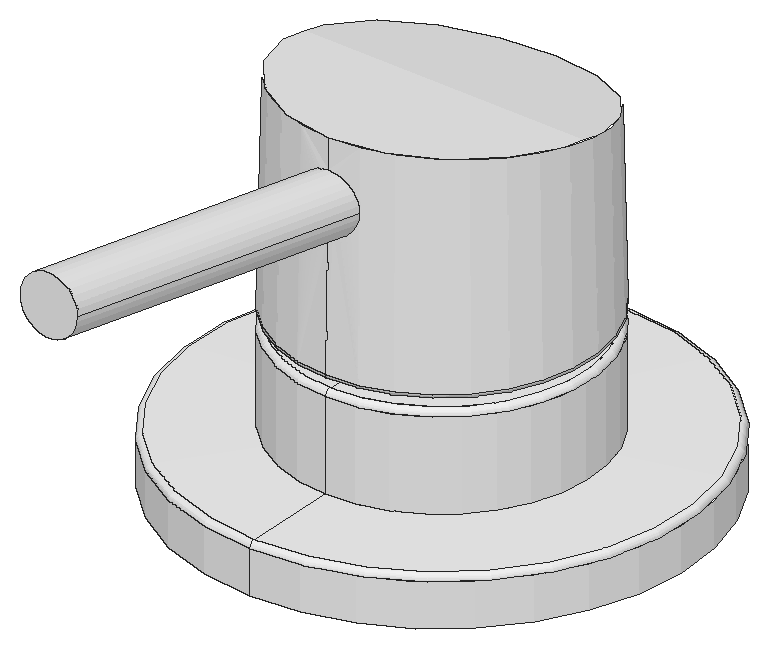
Revit family "Diverter_Trim-Grohe-Concetto-29104_Series", category Plumbing Fixtures, host Face, Revit 2019
Family settings
  Host = Face
  Round Connector Dimension = Use Diameter
  Part Type = Normal
  OmniClass Number = 23.45.05.14.17
  OmniClass Title = Showers
  Cut with Voids When Loaded = No
  Shared = Yes
  Room Calculation Point = No
Parameters (values of type "29104001")
  Width = 3 1/8"
  Waste Connection = no
  Warranty Information = "Limited Lifetime Warranty"
  WFU = 4
  Vent Connection = no
  URL = "http://www.grohe.com/"
  Type Comments = ""
  Tempered Water Connection Radius = Tempered Water Connection Diameter / 2  # 1/4"
  Tempered Water Connection Diameter = 1/2"
  Revised Date = "6/28/2021"  # constant formula
  Product Page URL = "https://www.grohe.us/Bath-Shower-Trim-Kits/2-Way-Diverter-Trim/GROHE-CHROME-29104001"
  Product Documentation Link = "https://americanstandard.box.com/shared/static/woe4c1t84hf1pajrcrkzckh52uukkwc1.pdf"
  Price = "Prices may vary. Please consult Manufacturer Representative for most up-to-date price list."  # constant formula
  Model = "29104001"
  Material = "Metal-Grohe-001-Chrome"
  Manufacturer = "GROHE"
  Length = 2 5/8"
  Installation Type = "Surface Mounted"
  IAPMO Compliance = "cUPC"
  Height = 4 13/16"
  HWFU = 3
  HW Connection = yes
  Finish = Metal-Grohe-001-Chrome
  Description = "Concetto 2-Way Diverter Trim (Shower head/Tub Spout)"
  Default Elevation = 0"
  Creation Date = "11/1/2016"  # constant formula
  CWFU = 3
  CW Connection = yes
  Assembly Code = "D2020"
  ADA Compliant = yes
Types (3): name | Product Page URL | Product Documentation Link | Model | Material | Finish
  (no name) | "https://www.grohe.us/Bath-Shower-Trim-Kits/2-Way-Diverter-Trim/GROHE-CHROME-29104001" | "https://americanstandard.box.com/shared/static/woe4c1t84hf1pajrcrkzckh52uukkwc1.pdf" | "29104001" | "Metal-Grohe-001-Chrome" | Metal-Grohe-001-Chrome
  29104001 | "https://www.grohe.us/Bath-Shower-Trim-Kits/2-Way-Diverter-Trim/GROHE-CHROME-29104001" | "https://americanstandard.box.com/shared/static/woe4c1t84hf1pajrcrkzckh52uukkwc1.pdf" | "29104001" | "Metal-Grohe-001-Chrome" | Metal-Grohe-001-Chrome
  29104EN1 | "https://www.grohe.us/Bath-Shower-Trim-Kits/2-Way-Diverter-Trim/GROHE-BRUSHED-NICKEL-29104EN1" | "https://americanstandard.box.com/shared/static/x7zag8cpyvu74zqv2qmbc8f4jt1mfz1j.pdf" | "29104EN1" | "Metal-Grohe-EN1-Brushed Nickel" | Metal-Grohe-EN1-Brushed Nickel
Reference planes (in)
  plane 1 "Center (Front/Back)": y = 0
  plane 2: z = 0
  plane 3 "Center (Left/Right)": x = 0
  plane 4: x = -1.5625
  plane 5: x = 1.5625
  plane 6: z = 2.62243
  plane 7: z = 2.24419
  plane 8: z = 2.43331
  plane 9: y = 1.5748
  plane 10: y = -3.2257
  plane 11: z = 0.32687
Forms (in)
  Revolve 1, solid, material "Metal-Grohe-001-Chrome" <- "Finish"
    sketch origin (0, 0, 0) x (0, 1, 0) y (0, 0, 1)
      loop
        line (1.5748, 0) -> (1.5748, 0.27495)
        arc (1.5748, 0.27495) -> (1.5633, 0.30303) -> (1.5354, 0.31497) r 0.04003
        arc (1.5354, 0.31497) -> (1.24505, 0.32018) -> (0.95472, 0.32677) r 60.83363
        line (0.95472, 0.32677) -> (0.95472, 0.89683)
        arc (0.95472, 0.89683) -> (0.94296, 0.92524) -> (0.91455, 0.93701) r 0.04017
        line (0.91455, 0.93701) -> (0.77437, 0.93701) -> (0.84646, 1.00191) -> (0.93054, 1.00191)
        arc (0.93054, 1.00191) -> (0.94758, 1.00907) -> (0.95439, 1.02625) r 0.02386
        line (0.95439, 1.02625) -> (0.91697, 2.85983) -> (0, 2.85983) -> (0, 0) -> (1.5748, 0)
      axis (0, 2.85983) -> (0, 0)
    angle from 0 to 360
  Extrusion 2, void
    sketch origin (0, 0, 0) x (0, 1, 0) y (0, 0, 1)
      loop
        line (1.07049, 2.03348) -> (1.07049, 3.08261) -> (-1.11716, 3.08261) -> (-1.11716, 2.4202)
        arc (-1.11716, 2.4202) -> (-0.00877, 2.30924) -> (1.07049, 2.03348) r 7.4149
    from -1.14314 to 1.2829
  Extrusion 3, solid, material "Metal-Grohe-001-Chrome" <- "Finish"
    sketch origin (0, -0.50352, -0.51559) x (1, 0, 0) y (0, 0.173495, 0.984835)
      loop
        circle (0, 2.43331) r 0.18912
    from -0.26841 to 3.43997
  Extrusion 4, void
    sketch origin (0, 0, 0) x (0, 1, 0) y (0, 0, 1)
      loop
        line (-3.2257, 2.87243) -> (-3.63433, 2.87243) -> (-3.63433, 1.99651) -> (-3.2257, 1.99651) -> (-3.2257, 2.87243)
    from -0.47732 to 0.60053
Cuts and joins
  Extrusion 2 cuts Revolve 1
  Extrusion 4 cuts Extrusion 3
  joined: Revolve 1, Extrusion 3
Lines and regions (in)
  Masking region 1
    outline origin (0, 0, 0) x (1, 0, 0) y (0, 0, 1)
      loop
        line (1.5748, 0) -> (1.5748, 0.27388)
        arc (1.5748, 0.27388) -> (1.56373, 0.302) -> (1.53645, 0.31501) r 0.04123
        line (1.53645, 0.31501) -> (0.95478, 0.32677) -> (0.95478, 0.89557)
        arc (0.95478, 0.89557) -> (0.94325, 0.92427) -> (0.91508, 0.93701) r 0.04147
        line (0.91508, 0.93701) -> (0.77441, 0.93701) -> (0.84646, 1.00191) -> (0.93125, 1.00191)
        arc (0.93125, 1.00191) -> (0.948, 1.00913) -> (0.95425, 1.02625) r 0.02303
        line (0.95425, 1.02625) -> (0.92831, 2.30583)
        spline (0.92831, 2.30583) -> (0.89967, 2.34327) -> (0.85534, 2.36209) -> (0.80971, 2.37402) -> (0.76244, 2.38255) -> (0.71318, 2.38902) -> (0.66165, 2.39418) -> (0.60827, 2.39857) -> (0.55483, 2.40233) -> (0.50263, 2.40556) -> (0.43996, 2.40832) -> (0.34289, 2.4106) -> (0.18703, 2.41238)
        arc (0.18703, 2.41238) -> (0.00013, 2.62644) -> (-0.18707, 2.41265) r 0.18874
        spline (-0.18707, 2.41265) -> (-0.29934, 2.41076) -> (-0.39246, 2.40896) -> (-0.47032, 2.40696) -> (-0.53686, 2.40448) -> (-0.59598, 2.40121) -> (-0.6516, 2.39687) -> (-0.70763, 2.39117) -> (-0.76688, 2.38368) -> (-0.82529, 2.37306) -> (-0.87614, 2.35766) -> (-0.91272, 2.33581) -> (-0.92831, 2.30583)
        line (-0.92831, 2.30583) -> (-0.95425, 1.02625)
        arc (-0.95425, 1.02625) -> (-0.948, 1.00913) -> (-0.93125, 1.00191) r 0.02303
        line (-0.93125, 1.00191) -> (-0.84646, 1.00191) -> (-0.77441, 0.93701) -> (-0.91508, 0.93701)
        arc (-0.91508, 0.93701) -> (-0.94325, 0.92427) -> (-0.95478, 0.89557) r 0.04147
        line (-0.95478, 0.89557) -> (-0.95478, 0.32677) -> (-1.53645, 0.31501)
        arc (-1.53645, 0.31501) -> (-1.56373, 0.302) -> (-1.5748, 0.27388) r 0.04123
        line (-1.5748, 0.27388) -> (-1.5748, 0) -> (1.5748, 0)
  symbolic lines, detail levels medium+fine
    curve 1: line (0.77441, 0, 0.93701) -> (-0.77441, 0, 0.93701)
    curve 2: line (0.84646, 0, 1.00191) -> (-0.84646, 0, 1.00191)
    curve 3: line (0.95472, 0, 0.32677) -> (-0.95478, 0, 0.32677)
    curve 4: line (0.92831, 0, 2.30583) -> (-0.92857, 0, 2.29305)
    curve 5: line (0.18912, 0, 2.41238) -> (-0.18912, 0, 2.41238)
    curve 6: line (0.18912, 0, 2.41238) -> (0.18912, 0, 2.40389)
    curve 7: line (-0.18912, 0, 2.41238) -> (-0.18912, 0, 2.40389)
    curve 8: arc (0.18775, 0, 2.41247) -> (-0.00022, 0, 2.24305) -> (-0.18779, 0, 2.4129) r 0.18874
    curve 9: spline (0, 0, 1.83966) -> (0.02471, 0, 1.84124) -> (0.04901, 0, 1.84602) -> (0.07246, 0, 1.8539) -> (0.09467, 0, 1.86477) -> (0.11526, 0, 1.87843) -> (0.13388, 0, 1.89464) -> (0.15019, 0, 1.91314) -> (0.16392, 0, 1.93359) -> (0.17484, 0, 1.95566) -> (0.18276, 0, 1.97895) -> (0.18754, 0, 2.00307) -> (0.1891, 0, 2.02761)
    curve 10: spline (-0.18924, 0, 2.0276) -> (-0.18753, 0, 2.00291) -> (-0.18263, 0, 1.97865) -> (-0.17461, 0, 1.95526) -> (-0.16362, 0, 1.93313) -> (-0.14983, 0, 1.91263) -> (-0.1335, 0, 1.89414) -> (-0.11489, 0, 1.87795) -> (-0.09433, 0, 1.86435) -> (-0.07217, 0, 1.85358) -> (-0.04879, 0, 1.84582) -> (-0.02459, 0, 1.8412) -> (0, 0, 1.8398)
    curve 11: spline (-0.00001, 0, 2.22277) -> (-0.025, 0, 2.22049) -> (-0.04949, 0, 2.21501) -> (-0.07307, 0, 2.20643) -> (-0.09533, 0, 2.19488) -> (-0.11592, 0, 2.18057) -> (-0.13447, 0, 2.16372) -> (-0.15069, 0, 2.14462) -> (-0.1643, 0, 2.1236) -> (-0.17507, 0, 2.101) -> (-0.18283, 0, 2.0772) -> (-0.18743, 0, 2.0526) -> (-0.18882, 0, 2.02761)
    curve 12: spline (0.18894, 0, 2.02761) -> (0.18743, 0, 2.05266) -> (0.18272, 0, 2.07731) -> (0.17488, 0, 2.10115) -> (0.16404, 0, 2.12378) -> (0.15038, 0, 2.14481) -> (0.13414, 0, 2.1639) -> (0.11558, 0, 2.18073) -> (0.09502, 0, 2.19502) -> (0.0728, 0, 2.20652) -> (0.0493, 0, 2.21504) -> (0.02489, 0, 2.22045) -> (0.00001, 0, 2.22265)
    curve 13: line (0.18912, 0, 2.41238) -> (0.18912, 0, 2.02855)
    curve 14: line (-0.18912, 0, 2.41238) -> (-0.18912, 0, 2.02823)
Dimensions and locks (in)
  "Width": plane 4 to plane 5
  equal spacing: plane 7, plane 8, plane 6
  plane 9 to plane 10 = 4.8005"
  level to plane 11 = 0.32687"
  plane 6 to host face = 2.62243"
  aligned and locked: plane 2 to host face
  aligned and locked: level to host face
Automatic sketch dimensions
  host sketch curve to host sketch curve = 96"  (x2)
  Revolve 1 sketch curve to plane 1 "Center (Front/Back)" = 0"  (x2)
  Revolve 1 sketch curve to level = 0"
  Revolve 1 sketch curve to plane 1 "Center (Front/Back)" = 0.77437"
  Revolve 1 sketch curve to Revolve 1 sketch curve = 0.07208"
  Revolve 1 sketch curve to Revolve 1 sketch curve = 0.06809"
  Revolve 1 sketch curve to plane 1 "Center (Front/Back)" = 0.91697"
  Revolve 1 sketch curve to Revolve 1 sketch curve = 0.01599"
  Revolve 1 sketch curve to Revolve 1 sketch curve = 0.02385"
  Revolve 1 sketch curve to Revolve 1 sketch curve = 0.04017"
  level to Revolve 1 sketch curve = 0.27495"
  Revolve 1 sketch curve to Revolve 1 sketch curve = 0.58005"
  Revolve 1 sketch curve to Revolve 1 sketch curve = 0.04003"
  Revolve 1 sketch curve to plane 1 "Center (Front/Back)" = 2.48099"
  level to Revolve 1 sketch curve = 0.32677"
  Revolve 1 sketch curve to Revolve 1 sketch curve = 0.57006"
  Revolve 1 sketch curve to Revolve 1 sketch curve = 0.0649"
  Revolve 1 sketch curve to Revolve 1 sketch curve = 0.02386"
  Revolve 1 sketch curve to Revolve 1 sketch curve = 1.85792"
  Revolve 1 sketch curve to Revolve 1 sketch curve = 58.28142"
  Revolve 1 sketch curve to level = 0.44669"
  Revolve 1 sketch curve to Revolve 1 sketch curve = 1/2"
  plane 1 "Center (Front/Back)" to Extrusion 2 sketch curve = 1.29954"
  Extrusion 2 sketch curve to plane 1 "Center (Front/Back)" = 1.07049"
  Extrusion 2 sketch curve to level = 4.99245"
  level to Extrusion 2 sketch curve = 3.08261"
  plane 1 "Center (Front/Back)" to Extrusion 2 sketch curve = 1.11716"
  Extrusion 2 sketch curve to Extrusion 2 sketch curve = 1.04913"
  Extrusion 3 sketch curve to plane 3 "Center (Left/Right)" = 0"
  Extrusion 4 sketch curve to plane 6 = 1/4"
  plane 1 "Center (Front/Back)" to Extrusion 4 sketch curve = 3.63433"
  Extrusion 4 sketch curve to Extrusion 4 sketch curve = 0.40863"
  plane 7 to Extrusion 4 sketch curve = 0.24768"
  Masking region 1 sketch curve to level = 0"
  Masking region 1 sketch curve to plane 3 "Center (Left/Right)" = 0"
  Masking region 1 sketch curve to plane 8 = 0.02066"
  Masking region 1 sketch curve to plane 3 "Center (Left/Right)" = 0.18707"
  Masking region 1 sketch curve to plane 3 "Center (Left/Right)" = 0.77441"
  Masking region 1 sketch curve to Masking region 1 sketch curve = 0.07205"  (x2)
  Masking region 1 sketch curve to Masking region 1 sketch curve = 0.06686"  (x2)
  Masking region 1 sketch curve to Masking region 1 sketch curve = 0.00177"  (x2)
  Masking region 1 sketch curve to plane 7 = 0.06164"  (x2)
  Masking region 1 sketch curve to plane 4 = 0.63419"
  Masking region 1 sketch curve to Masking region 1 sketch curve = 0.01618"  (x2)
  Masking region 1 sketch curve to Masking region 1 sketch curve = 0.023"  (x2)
  Masking region 1 sketch curve to Masking region 1 sketch curve = 0.04147"  (x2)
  Masking region 1 sketch curve to plane 4 = 0.02893"
  plane 11 to Masking region 1 sketch curve = 0.01186"  (x2)
  Masking region 1 sketch curve to plane 4 = 0.02605"
  plane 4 to Masking region 1 sketch curve = 0.0123"
  Masking region 1 sketch curve to plane 8 = 0.02093"
  plane 3 "Center (Left/Right)" to Masking region 1 sketch curve = 0.18703"
  plane 3 "Center (Left/Right)" to Masking region 1 sketch curve = 0.77441"
  Masking region 1 sketch curve to plane 5 = 0.63419"
  plane 11 to Masking region 1 sketch curve = 0.0001"  (x2)
  Masking region 1 sketch curve to plane 5 = 0.02893"
  Masking region 1 sketch curve to plane 5 = 0.02605"
  plane 5 to Masking region 1 sketch curve = 0.0123"
  Masking region 1 sketch curve to plane 11 = 0.56871"  (x2)
  Masking region 1 sketch curve to Masking region 1 sketch curve = 0.0649"  (x2)
  Masking region 1 sketch curve to Masking region 1 sketch curve = 0.02303"  (x2)
  curve 9 to plane 3 "Center (Left/Right)" = 0"
  curve 8 to plane 3 "Center (Left/Right)" = 0"
  curve 5 to plane 8 = 0.02093"
  plane 3 "Center (Left/Right)" to curve 6 = 0.18912"
  curve 8 to plane 8 = 0.00152"
  curve 10 to plane 3 "Center (Left/Right)" = 0"
  curve 11 to plane 3 "Center (Left/Right)" = 0"
  curve 10 to plane 3 "Center (Left/Right)" = 0.0013"
  curve 12 to curve 10 = 0.00281"
  curve 10 to plane 3 "Center (Left/Right)" = 0.03833"
  curve 5 to curve 8 = 0.00133"
  curve 11 to curve 12 = 0.18455"
  curve 11 to curve 11 = 0.00015"
  curve 14 to curve 11 = 0.0003"
  curve 10 to curve 11 = 0.00042"
  curve 1 to plane 3 "Center (Left/Right)" = 0.77441"
  curve 2 to curve 1 = 0.07205"
  curve 4 to plane 7 = 0.04887"
  curve 4 to plane 4 = 0.63393"
  plane 11 to curve 3 = 0.0001"
  curve 3 to plane 4 = 0.60772"
  plane 3 "Center (Left/Right)" to curve 12 = 0"
  plane 3 "Center (Left/Right)" to curve 9 = 0.00023"
  plane 3 "Center (Left/Right)" to curve 11 = 0.00515"
  plane 3 "Center (Left/Right)" to curve 12 = 0.02704"
  curve 8 to curve 5 = 0.00137"
  curve 12 to curve 13 = 0.00018"
  curve 12 to curve 9 = 0.00014"
  curve 12 to curve 9 = 0.00016"
  plane 3 "Center (Left/Right)" to curve 1 = 0.77441"
  curve 1 to curve 2 = 0.07205"
  curve 4 to plane 7 = 0.06164"
  curve 4 to plane 5 = 0.63419"
  curve 3 to plane 5 = 0.60778"
  curve 6 to curve 5 = 0.00849"
  curve 7 to curve 5 = 0.00849"
  plane 7 to curve 11 = 0.02142"
  curve 12 to curve 11 = 0.00012"
  plane 7 to curve 11 = 0.20698"
  curve 12 to curve 11 = 0.00067"
  curve 10 to curve 12 = 0.00008"
  curve 12 to curve 13 = 0.00095"
  curve 11 to curve 14 = 0.00062"
  curve 9 to curve 12 = 0"
  curve 10 to curve 11 = 0"
  curve 9 to curve 10 = 0.0015"
  curve 2 to plane 11 = 0.67504"
  curve 1 to curve 2 = 0.0649"
  curve 5 to curve 8 = 0.00009"
  radius of Extrusion 3 sketch curve = 0.18912"
Connectors (in)
  piping at (0, 0, 0), diameter 0.5, driven by "Tempered Water Connection Diameter"
    settings: on cut or joined group of Revolve 1, Extrusion 2, Extrusion 3, Extrusion 4, index 1, connector inside diameter 24", connector length 0", flow factor 0, pipe flow 0 GPM, pressure drop 0.00 psi, fitting loss kfactor 0, connector angle 0.00°, fixture units 0, engagement length 0", angle of deflection 0.00°, flow configuration 0, flow direction 1, fitting loss method 0, system type 29, joint type 0, gender type 0, connector reference index -1, connector utility 0, adjustable connector no, is connector primary yes, connector description "1/2\" NPT Tempered Supply Inlet"
